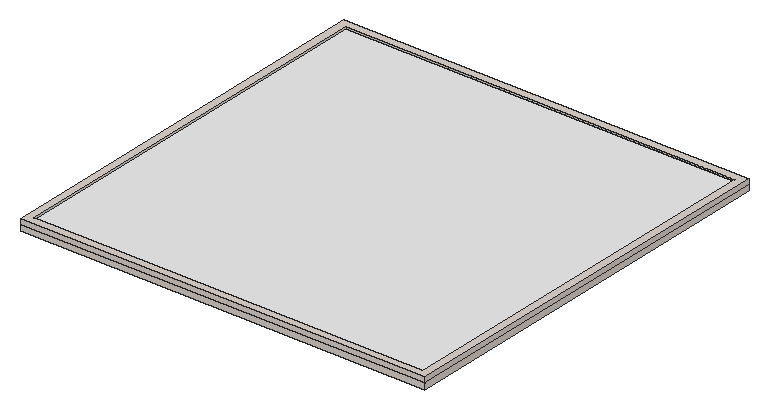
Revit family "SKY LED FLAT PANEL", category Lighting Fixtures, host Face, Revit 2020 (continued)
Types (13): name | Wattage | WATTS | built-in parameter 1150134 | Replaces/Equiv.(MH) | Photometric Web File | Order number | built-in parameter 1150142 | Model | built-in parameter 1150105 | Lumens | built-in parameter 1150107 | built-in parameter 1150106 | Fixture Width | Fixture Length | Default Elevation | Apparent Load
    66  1774.47  1771.82  1768.67  \r\n 1765.77  1762.40  1756.34  1751.54  1746.43  1740.41  1732.16  1724.92  1715.69  1706.08  \r\n 1696.46  1683.85  1673.03  1659.19  1645.69  1631.34  1615.25  1600.18  1584.09  1568.95  \r\n 1550.22  1531.49  1514.81  1493.73  1474.01  1454.46  1432.79  1412.74  1389.38  1366.06  \r\n 1343.03  1321.21  1296.40  1272.77  1248.35  1223.80  1197.84  1172.09  1146.04  1119.89  \r\n 1093.50  1066.38  1039.23  1010.88  983.44   954.17   925.81   896.93   868.23   838.40   \r\n 809.65   779.77   750.77   720.65   690.71   659.65   630.67   599.51   569.53   539.03   \r\n 509.84   479.85   449.10   419.54   390.48   361.72   332.06   304.07   275.77   248.25   \r\n 221.53   194.84   169.40   144.73   120.07   96.64    74.57    53.15    32.97    13.68    \r\n 2.47     1.35     1.45     1.55     1.65     1.76     1.85     1.95     2.04     2.13     \r\n 2.22     2.30     2.39     2.48     2.55     2.63     2.70     2.77     2.83     2.89     \r\n 2.95     3.00     3.05     3.10     3.14     3.19     3.23     3.27     3.30     3.34     \r\n 3.36     3.39     3.41     3.43     3.46     3.47     3.49     3.51     3.52     3.54     \r\n 3.55     3.56     3.58     3.59     3.60     3.60     3.59     3.59     3.60     3.61     \r\n 3.64     3.67     3.70     3.72     3.73     3.74     3.76     3.78     3.80     3.83     \r\n 3.85     3.88     3.91     3.93     3.96     3.99     4.01     4.05     4.08     4.11     \r\n 4.14     4.17     4.20     4.23     4.26     4.28     4.31     4.33     4.36     4.38     \r\n 4.41     4.43     4.45     4.47     4.49     4.50     4.52     4.53     4.54     4.54     \r\n 4.58     \r\n1778.35  1778.12  1779.32  1777.41  1777.88  1775.72  1775.48  1773.32  1770.21  1766.38  \r\n 1762.76  1760.12  1753.63  1749.56  1742.10  1736.58  1729.10  1721.21  1711.65  1702.95  \r\n 1690.29  1679.16  1666.94  1655.09  1639.32  1626.25  1610.24  1594.94  1577.80  1560.06  \r\n 1543.38  1524.02  1504.45  1484.61  1465.03  1443.04  1422.18  1400.67  1377.97  1356.69  \r\n 1333.03  1309.59  1285.21  1262.96  1237.07  1213.17  1187.56  1161.03  1134.69  1108.63  \r\n 1082.53  1055.21  1028.22  1000.65  972.93   944.65   915.97   887.21   858.53   830.01   \r\n 800.29   771.05   741.17   710.57   682.79   655.03   625.05   594.37   564.68   534.77   \r\n 504.45   475.13   444.55   415.40   385.88   357.45   327.93   300.42   272.15   245.21   \r\n 217.83   191.94   166.21   141.78   117.27   94.80    73.39    51.99    32.23    12.69    \r\n 2.19     1.32     1.42     1.53     1.63     1.74     1.83     1.93     2.02     2.11     \r\n 2.21     2.29     2.39     2.47     2.56     2.64     2.71     2.78     2.84     2.90     \r\n 2.96     3.02     3.07     3.12     3.17     3.22     3.26     3.30     3.35     3.38     \r\n 3.42     3.46     3.49     3.51     3.54     3.56     3.58     3.61     3.63     3.64     \r\n 3.65     3.66     3.64     3.62     3.63     3.64     3.66     3.68     3.70     3.72     \r\n 3.75     3.77     3.80     3.83     3.83     3.84     3.85     3.86     3.88     3.90     \r\n 3.91     3.93     3.95     3.97     3.99     4.01     4.04     4.06     4.08     4.11     \r\n 4.14     4.16     4.19     4.22     4.24     4.27     4.29     4.32     4.34     4.37     \r\n 4.39     4.41     4.43     4.46     4.48     4.50     4.52     4.53     4.55     4.56     \r\n 4.58     \r\n1778.35  1780.48  1779.29  1780.24  1779.28  1777.36  1775.92  1773.74  1770.42  1769.43  \r\n 1766.08  1762.02  1756.23  1750.03  1743.54  1737.80  1729.39  1722.67  1713.02  1702.05  \r\n 1690.85  1681.18  1667.36  1653.63  1640.71  1626.49  1611.46  1594.61  1579.34  1562.42  \r\n 1543.27  1524.13  1506.55  1487.11  1467.39  1446.11  1425.01  1404.06  1381.88  1359.29  \r\n 1336.28  1313.64  1289.10  1265.92  1241.90  1218.07  1192.02  1167.20  1140.42  1114.03  \r\n 1087.43  1061.06  1033.81  1007.05  978.86   950.19   922.67   893.68   865.07   835.92   \r\n 807.16   777.76   747.44   718.41   689.02   658.33   628.98   598.74   568.82   538.39   \r\n 508.68   478.87   448.86   419.42   390.51   361.51   332.83   304.83   276.42   249.42   \r\n 222.07   196.21   170.64   146.13   121.63   98.29    76.24    54.83    34.62    15.51    \r\n 3.32     1.33     1.43     1.53     1.63     1.73     1.83     1.92     2.01     2.10     \r\n 2.19     2.28     2.37     2.45     2.54     2.61     2.69     2.76     2.83     2.89     \r\n 2.95     3.00     3.07     3.12     3.18     3.22     3.27     3.31     3.35     3.39     \r\n 3.43     3.47     3.51     3.55     3.58     3.61     3.63     3.66     3.68     3.71     \r\n 3.74     3.77     3.79     3.81     3.84     3.86     3.89     3.91     3.94     3.97     \r\n 4.00     4.02     4.05     4.07     4.10     4.12     4.12     4.13     4.13     4.14     \r\n 4.14     4.15     4.16     4.17     4.17     4.18     4.20     4.21     4.22     4.24     \r\n 4.25     4.26     4.27     4.29     4.30     4.32     4.34     4.34     4.36     4.38     \r\n 4.39     4.41     4.42     4.43     4.45     4.45     4.47     4.48     4.50     4.51     \r\n 4.58     \r\n1778.35  1776.95  1777.42  1777.66  1778.61  1777.19  1774.34  1772.90  1769.34  1766.02  \r\n 1761.72  1758.64  1752.68  1747.70  1739.82  1733.41  1725.04  1717.93  1708.47  1697.47  \r\n 1687.52  1674.62  1663.45  1649.82  1637.03  1621.72  1607.27  1592.12  1575.85  1557.10  \r\n 1540.80  1521.85  1503.41  1484.47  1464.84  1444.00  1424.04  1402.98  1380.96  1357.98  \r\n 1335.24  1313.69  1290.72  1267.97  1243.27  1217.93  1194.21  1168.88  1142.55  1116.73  \r\n 1089.92  1063.80  1038.01  1009.28  981.80   954.50   926.56   898.07   869.41   840.21   \r\n 812.18   782.74   752.90   722.58   694.07   665.69   637.30   607.62   577.50   548.12   \r\n 518.52   488.58   458.45   429.57   399.93   371.19   342.26   314.46   286.14   259.02   \r\n 231.51   205.65   179.53   154.68   129.77   106.63   83.75    62.90    42.06    22.33    \r\n 7.58     1.53     1.41     1.51     1.61     1.72     1.82     1.91     2.01     2.11     \r\n 2.20     2.29     2.39     2.48     2.56     2.64     2.71     2.78     2.84     2.91     \r\n 2.97     3.03     3.08     3.14     3.19     3.24     3.29     3.33     3.38     3.43     \r\n 3.47     3.51     3.55     3.59     3.63     3.67     3.70     3.74     3.77     3.81     \r\n 3.84     3.87     3.91     3.94     3.97     4.00     4.03     4.06     4.11     4.14     \r\n 4.18     4.21     4.24     4.27     4.29     4.31     4.33     4.36     4.37     4.39     \r\n 4.39     4.39     4.39     4.39     4.40     4.39     4.39     4.40     4.40     4.40     \r\n 4.41     4.41     4.41     4.41     4.42     4.42     4.42     4.43     4.43     4.44     \r\n 4.44     4.44     4.44     4.45     4.45     4.46     4.46     4.47     4.48     4.48     \r\n 4.58     \r\n1778.35  1779.52  1778.81  1778.80  1777.63  1778.31  1775.48  1771.91  1770.01  1766.19  \r\n 1761.69  1756.73  1750.78  1747.47  1741.01  1733.45  1724.37  1714.68  1706.77  1696.36  \r\n 1683.39  1674.52  1661.54  1648.40  1634.20  1620.35  1605.93  1588.76  1573.41  1557.12  \r\n 1540.63  1521.32  1504.20  1483.54  1465.03  1445.20  1423.68  1402.61  1382.49  1360.07  \r\n 1338.28  1315.87  1293.18  1269.95  1245.13  1220.96  1196.19  1171.66  1146.51  1120.70  \r\n 1093.51  1068.32  1041.38  1013.21  986.51   958.42   931.39   902.94   875.32   845.88   \r\n 817.57   787.73   758.34   729.35   700.08   669.61   640.58   610.14   581.30   550.54   \r\n 521.40   492.00   461.78   432.73   404.03   374.71   345.79   317.84   289.36   262.69   \r\n 235.19   208.77   183.31   157.88   133.79   109.72   87.10    64.97    44.10    24.56    \r\n 8.65     1.69     1.38     1.49     1.61     1.71     1.82     1.91     2.01     2.11     \r\n 2.20     2.29     2.38     2.47     2.56     2.64     2.72     2.80     2.87     2.94     \r\n 3.00     3.07     3.13     3.18     3.24     3.29     3.35     3.40     3.45     3.50     \r\n 3.55     3.59     3.63     3.68     3.72     3.76     3.80     3.84     3.87     3.91     \r\n 3.96     4.00     4.04     4.08     4.12     4.16     4.21     4.25     4.29     4.34     \r\n 4.38     4.42     4.46     4.49     4.52     4.54     4.57     4.58     4.61     4.63     \r\n 4.65     4.66     4.66     4.67     4.67     4.66     4.67     4.66     4.65     4.64     \r\n 4.64     4.63     4.62     4.62     4.61     4.60     4.59     4.60     4.59     4.58     \r\n 4.58     4.58     4.58     4.57     4.57     4.57     4.57     4.56     4.56     4.55     \r\n 4.58     \r\n1778.35  1779.06  1777.42  1777.17  1777.64  1773.62  1771.73  1768.41  1764.16  1760.87  \r\n 1756.83  1752.12  1744.76  1738.17  1731.98  1723.01  1716.80  1706.92  1697.26  1687.03  \r\n 1675.73  1665.25  1650.63  1637.53  1625.76  1609.83  1594.53  1579.46  1563.05  1546.76  \r\n 1529.15  1510.79  1491.99  1474.09  1453.87  1432.92  1413.55  1391.44  1370.48  1348.11  \r\n 1327.63  1305.50  1281.96  1259.10  1234.08  1210.30  1186.49  1161.07  1135.60  1109.23  \r\n 1084.70  1057.79  1031.91  1004.30  976.75   949.37   922.53   893.04   865.25   835.98   \r\n 808.12   778.62   749.42   719.52   690.95   662.98   635.01   604.91   575.35   545.71   \r\n 515.89   486.43   457.38   428.55   399.01   370.36   341.44   314.16   285.99   258.95   \r\n 231.96   205.79   180.11   155.48   130.40   107.30   84.30    63.31    42.33    22.48    \r\n 7.05     1.46     1.37     1.47     1.59     1.70     1.81     1.91     2.01     2.10     \r\n 2.19     2.28     2.37     2.45     2.54     2.61     2.70     2.77     2.86     2.94     \r\n 3.01     3.07     3.14     3.19     3.26     3.32     3.37     3.43     3.48     3.54     \r\n 3.58     3.63     3.68     3.72     3.76     3.81     3.86     3.90     3.94     3.98     \r\n 4.02     4.06     4.10     4.15     4.20     4.24     4.29     4.34     4.39     4.44     \r\n 4.49     4.53     4.58     4.63     4.67     4.72     4.75     4.78     4.80     4.83     \r\n 4.84     4.86     4.88     4.88     4.89     4.89     4.88     4.87     4.87     4.86     \r\n 4.85     4.84     4.84     4.83     4.82     4.81     4.80     4.80     4.79     4.78     \r\n 4.78     4.76     4.75     4.74     4.73     4.71     4.71     4.69     4.69     4.67     \r\n 4.58     \r\n1778.35  1778.35  1777.17  1775.99  1775.74  1773.35  1769.59  1765.79  1763.20  1758.68  \r\n 1754.65  1748.06  1741.64  1734.82  1728.39  1721.09  1712.30  1704.49  1692.39  1682.96  \r\n 1671.44  1660.72  1648.25  1634.93  1621.02  1609.32  1593.09  1577.86  1562.33  1546.10  \r\n 1528.85  1511.60  1493.04  1474.60  1455.09  1434.73  1415.43  1394.42  1373.79  1351.43  \r\n 1330.43  1307.60  1284.03  1261.30  1238.04  1214.68  1190.22  1165.16  1138.58  1113.95  \r\n 1087.24  1062.39  1034.35  1007.62  981.09   953.37   925.32   896.91   869.32   840.99   \r\n 812.65   783.25   753.63   725.08   696.05   666.43   637.28   606.76   577.77   547.89   \r\n 518.37   489.36   459.94   430.69   402.66   374.19   345.10   317.89   289.41   262.46   \r\n 235.93   209.55   184.30   159.02   134.94   110.87   88.17    66.03    45.18    24.88    \r\n 8.31     1.56     1.34     1.43     1.53     1.66     1.78     1.88     1.99     2.08     \r\n 2.17     2.26     2.34     2.41     2.49     2.56     2.64     2.71     2.79     2.87     \r\n 2.95     3.03     3.11     3.19     3.26     3.32     3.38     3.44     3.49     3.55     \r\n 3.60     3.65     3.69     3.73     3.77     3.82     3.86     3.90     3.94     3.98     \r\n 4.02     4.06     4.10     4.14     4.18     4.22     4.27     4.31     4.36     4.41     \r\n 4.47     4.52     4.58     4.63     4.68     4.74     4.79     4.83     4.87     4.91     \r\n 4.94     4.98     5.00     5.02     5.04     5.05     5.07     5.07     5.07     5.07     \r\n 5.06     5.05     5.04     5.03     5.01     5.00     4.99     4.98     4.96     4.94     \r\n 4.94     4.92     4.90     4.89     4.87     4.86     4.84     4.82     4.80     4.79     \r\n 4.58     \r\n1778.35  1776.49  1776.72  1774.83  1773.66  1770.82  1768.22  1763.49  1759.71  1755.24  \r\n 1750.73  1743.44  1737.25  1729.96  1723.77  1715.28  1706.48  1697.55  1686.97  1676.74  \r\n 1665.22  1654.04  1641.30  1628.23  1615.05  1601.97  1586.68  1571.39  1555.23  1538.25  \r\n 1521.13  1503.96  1486.13  1465.90  1446.87  1427.58  1407.77  1387.08  1365.21  1343.10  \r\n 1321.22  1299.34  1276.29  1253.93  1229.40  1205.41  1180.45  1155.98  1130.31  1104.67  \r\n 1079.45  1053.28  1026.71  998.88   971.83   944.96   917.67   888.67   861.15   831.67   \r\n 803.84   774.36   745.90   716.50   687.01   659.56   632.13   601.72   572.99   543.50   \r\n 514.08   485.57   456.03   427.10   398.05   370.07   341.72   314.26   286.60   259.62   \r\n 232.75   207.20   181.67   157.04   132.33   109.21   86.11    64.68    43.25    22.17    \r\n 6.76     1.34     1.35     1.43     1.53     1.63     1.78     1.88     1.98     2.07     \r\n 2.14     2.22     2.30     2.37     2.44     2.52     2.60     2.68     2.77     2.84     \r\n 2.93     3.01     3.09     3.17     3.24     3.30     3.37     3.42     3.48     3.54     \r\n 3.59     3.63     3.68     3.73     3.77     3.82     3.86     3.90     3.94     3.97     \r\n 4.01     4.04     4.08     4.12     4.16     4.20     4.24     4.29     4.33     4.37     \r\n 4.42     4.47     4.52     4.57     4.62     4.67     4.72     4.77     4.83     4.87     \r\n 4.91     4.95     4.99     5.02     5.05     5.07     5.09     5.10     5.11     5.11     \r\n 5.12     5.13     5.13     5.13     5.12     5.12     5.11     5.11     5.11     5.10     \r\n 5.10     5.09     5.09     5.07     5.07     5.06     5.05     5.04     5.03     5.01     \r\n 4.58     \r\n1778.35  1777.41  1775.99  1775.28  1774.56  1771.22  1767.69  1763.17  1759.87  1754.86  \r\n 1749.89  1743.30  1737.32  1729.32  1721.92  1713.44  1705.09  1694.93  1684.91  1674.08  \r\n 1663.00  1651.32  1638.13  1626.66  1611.56  1598.68  1584.30  1569.04  1552.80  1538.90  \r\n 1521.52  1504.15  1487.66  1467.22  1449.22  1429.55  1410.71  1390.05  1369.37  1348.39  \r\n 1326.34  1304.82  1281.96  1259.34  1234.83  1210.85  1186.73  1162.79  1137.43  1111.89  \r\n 1086.23  1059.69  1034.01  1006.61  979.48   952.34   925.05   896.73   868.63   840.22   \r\n 811.03   782.39   753.98   724.52   695.80   665.50   637.05   606.57   578.44   548.08   \r\n 519.16   490.39   460.57   431.99   403.72   375.14   346.64   319.09   291.52   264.40   \r\n 237.90   211.62   186.39   161.22   137.24   113.26   90.39    67.65    45.68    24.22    \r\n 7.76     1.29     1.33     1.41     1.50     1.60     1.69     1.79     1.88     1.96     \r\n 2.05     2.14     2.23     2.32     2.40     2.48     2.56     2.64     2.73     2.81     \r\n 2.90     2.97     3.05     3.13     3.21     3.27     3.34     3.40     3.45     3.51     \r\n 3.56     3.61     3.66     3.70     3.75     3.79     3.84     3.88     3.92     3.96     \r\n 4.00     4.04     4.08     4.12     4.16     4.19     4.23     4.27     4.31     4.35     \r\n 4.39     4.43     4.47     4.52     4.57     4.61     4.66     4.71     4.77     4.82     \r\n 4.86     4.91     4.95     4.99     5.03     5.06     5.09     5.11     5.13     5.14     \r\n 5.15     5.15     5.14     5.13     5.13     5.13     5.13     5.12     5.12     5.12     \r\n 5.12     5.12     5.12     5.12     5.12     5.12     5.12     5.12     5.12     5.11     \r\n 4.58     \r\n1778.35  1777.17  1777.17  1775.98  1773.38  1770.52  1767.91  1764.10  1758.88  1753.91  \r\n 1748.18  1742.51  1736.06  1728.73  1719.42  1712.54  1701.80  1692.58  1681.00  1671.42  \r\n 1661.02  1648.13  1634.85  1621.70  1609.40  1593.88  1578.51  1563.37  1548.55  1532.43  \r\n 1515.22  1496.78  1480.03  1460.64  1442.46  1423.31  1402.69  1383.78  1362.98  1340.28  \r\n 1319.23  1297.48  1275.01  1253.25  1228.83  1205.41  1180.56  1156.91  1130.63  1105.56  \r\n 1079.75  1054.14  1028.63  1001.12  974.63   946.43   918.77   891.03   862.66   834.44   \r\n 807.17   776.82   748.21   718.18   689.72   661.93   634.15   604.09   574.93   546.08   \r\n 516.66   487.92   458.18   429.58   400.69   372.12   343.77   316.28   288.34   261.73   \r\n 234.75   208.77   183.24   158.58   133.66   110.39   86.59    64.33    42.07    20.74    \r\n 5.64     1.28     1.32     1.40     1.49     1.59     1.6
